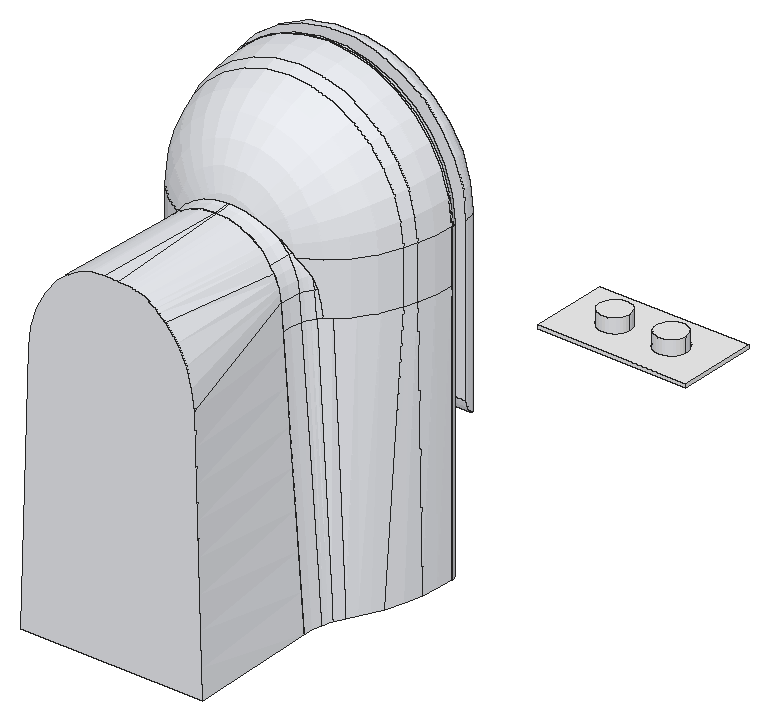
Revit family "WC-Wall Faced-Caroma Metro Invisi II Suite1", category Plumbing Fixtures, host Face, Revit 2014
Parameters (values of type "Standard")
  Width_ANZRS = 350 mm  # constant formula
  WasteOutlet_ANZRS = 0
  Waste Connection = yes
  WFU = 1.18
  WELSRating_ANZRS = "WELS 4 Star rated, 4.5/3L"  # constant formula
  ModifiedIssue_ANZRS = 20140919.01  # constant formula
  Material_ANZRS = Porcelain-White-Caroma
  Length_ANZRS = 610 mm  # constant formula
  Keynote = "WC"
  Height_ANZRS = 994 mm  # constant formula
  Hardware = Metal-Chrome-Caroma
  Vent Connection = no
  URL = "http://www.caroma.com.au"
  Type Comments = "White Only, S or P Trap, Optional Metro Soft Close seat, Buttons and Panels sold separately"  # constant formula
  Model = "716100W"  # constant formula
  Manufacturer = "GWA Bathrooms & Kitchens"  # constant formula
  HW Connection = no
  Description = "Caroma Metro Wall Faced Invisi II Suite"  # constant formula
  Default Elevation = 0 mm
  CreatedBy_ANZRS = "Design Content"  # constant formula
  CreatedByURL_ANZRS = "http://www.designcontent.com.au"
  CWFU = 1.18
  CW Connection = yes
  Assembly Code = "D2010110"
Reference planes
  plane 1 "Center (Elevation)": y = 0
  plane 2 "Back": z = 0
  plane 3 "Center (Left/Right)": x = 0
  plane 4 "Left": x = -175
  plane 5 "Right": x = 175
  plane 6 "Bottom": y = -405
  plane 7: z = -90
  plane 8 "Seat": y = -10
  plane 9 "Outlet": y = -220
  plane 10 "Front": z = 610
  plane 11 "Center (Front/Back)": z = 305
  plane 12 "Top": y = 589
  plane 13: y = 479
Forms (mm)
  Extrusion 1, void
    sketch origin (0, -377, 0) x (1, 0, 0) y (0, 1, 0)
      loop
        circle (0, 335) r 25
    from -90 to 0
  Extrusion 2, solid, material "Porcelain-White-Caroma" <- "Material_ANZRS"
    sketch origin (-410, 0, 0) x (1, 0, 0) y (0, 1, 0)
      loop
        circle (410, -47) r 20
    from 0 to 20
  Extrusion 3, solid, material "Porcelain-White-Caroma" <- "Material_ANZRS"
    sketch origin (0, 0, 0) x (1, 0, 0) y (0, 1, 0)
      loop
        circle (0, -220) r 50
    from 155 to 175
  Extrusion 4, solid, material "Metal-Chrome-Caroma" <- "Hardware"
    sketch origin (0, 0, 0) x (1, 0, 0) y (0, 1, 0)
      loop
        line (-105, 589) -> (-105, 479) -> (105, 479) -> (105, 589) -> (-105, 589)
      loop
        circle (-40, 534) r 22.5
      loop
        circle (40, 534) r 22.5
    from 0 to 5
  Extrusion 5, solid, material "Metal-Chrome-Caroma" <- "Hardware"
    sketch origin (0, 0, 0) x (1, 0, 0) y (0, 1, 0)
      loop
        circle (-40, 534) r 21
      loop
        circle (40, 534) r 21
    from 0 to 24.618
  Blend 6, solid, material "Porcelain-White-Caroma" <- "Material_ANZRS"
    base sketch origin (0, 5, -64.296) x (1, 0, 0) y (0, 0, 1)
      loop
        line (-131.239, 0) -> (131.239, 0) -> (117.38, 425.225)
        arc (117.38, 425.225) -> (105.902, 478.536) -> (76.426, 524.416) r 152.727
        arc (76.426, 524.416) -> (46.216, 545.764) -> (10, 553.296) r 90.83
        line (10, 553.296) -> (-10, 553.296)
        arc (-10, 553.296) -> (-46.216, 545.764) -> (-76.426, 524.416) r 90.83
        arc (-76.426, 524.416) -> (-105.902, 478.536) -> (-117.38, 425.225) r 152.727
        line (-117.38, 425.225) -> (-131.239, 0)
    top sketch origin (0, 5, -64.296) x (1, 0, 0) y (0, 0, 1)
      loop
        line (-128.303, 0) -> (128.303, 0) -> (90.935, 472.104)
        arc (90.935, 472.104) -> (87.658, 490.058) -> (80.825, 506.983) r 90
        arc (80.825, 506.983) -> (47.701, 542.068) -> (1.216, 555.002) r 90
        line (1.216, 555.002) -> (-1.216, 555.002)
        arc (-1.216, 555.002) -> (-43.642, 544.375) -> (-76.049, 515.002) r 90
        arc (-76.049, 515.002) -> (-86.242, 494.507) -> (-90.935, 472.104) r 90
        line (-90.935, 472.104) -> (-128.303, 0)
    from 410 to 225
  Sweep 7, solid, material "Porcelain-White-Caroma" <- "Material_ANZRS"
    path origin (0, 5, -64.296) x (1, 0, 0) y (0, 0, 1)
      loop
        line (-177.725, 247) -> (-177.725, 511.715)
        arc (-177.725, 511.715) -> (0, 689.44) -> (177.725, 511.715) r 177.725
        line (177.725, 511.715) -> (177.725, 247)
    profile origin (0, 5, 625.145) x (0, 0, -1) y (0, -1, 0)
      loop
        line (147.451, 5.727) -> (0, 5.727)
        arc (0, 5.727) -> (2.087, -6.159) -> (8.312, -16.498) r 32.959
        arc (8.312, -16.498) -> (15.138, -21.724) -> (23.421, -24.025) r 22.613
        arc (23.421, -24.025) -> (82.889, -27.582) -> (142.451, -28.769) r 1495.525
        line (142.451, -28.769) -> (147.451, -28.769) -> (147.451, 5.727)
  Extrusion 8, void
    sketch origin (0, 5, -64.296) x (0, 1, 0) y (0, 0, 1)
      loop
        line (-5.727, 283.507) -> (-11.755, 283.507) -> (-11.755, 233.588) -> (42.053, 233.588) -> (42.053, 264.258) -> (32.053, 264.258)
        arc (32.053, 264.258) -> (24.89, 259.544) -> (16.331, 259.009) r 16.691
        arc (16.331, 259.009) -> (1.24, 267.6) -> (-5.727, 283.507) r 27.585
    from 182.5 to -182.5
  Extrusion 9, solid, material "Porcelain-White-Caroma" <- "Material_ANZRS"
    sketch origin (0, 5, -64.296) x (1, 0, 0) y (0, 0, 1)
      loop
        arc (30.274, 511.715) -> (0, 541.989) -> (-30.274, 511.715) r 30.274
        line (-30.274, 511.715) -> (-30.274, 247) -> (30.274, 247) -> (30.274, 511.715)
    from 5.727 to -28.769
  Sweep 10, solid, material "Porcelain-White-Caroma" <- "Material_ANZRS"
    path origin (0, 5, -64.296) x (1, 0, 0) y (0, 0, 1)
      loop
        line (-173.725, 0) -> (-173.725, 511.715)
        arc (-173.725, 511.715) -> (0, 685.44) -> (173.725, 511.715) r 173.725
        line (173.725, 511.715) -> (173.725, 0)
    profile origin (0, 5, 621.145) x (0, 0, -1) y (0, -1, 0)
      loop
        line (9.782, 25.006) -> (-0.221, 25.006)
        arc (-0.221, 25.006) -> (2.708, 17.933) -> (9.782, 15.003) r 10.003
        line (9.782, 15.003) -> (9.782, 25.006)
  Blend 11, solid, material "Porcelain-White-Caroma" <- "Material_ANZRS"
    base sketch origin (0, 5, -64.296) x (1, 0, 0) y (0, 1, 0)
      loop
        line (173.947, -25.006) -> (148.947, -25.006) -> (148.947, -27.006)
        arc (148.947, -27.006) -> (148.394, -48.72) -> (146.737, -70.378) r 426.648
        arc (146.737, -70.378) -> (142.358, -95.379) -> (134.461, -119.501) r 177.586
        arc (134.461, -119.501) -> (126.265, -139.28) -> (117.875, -158.978) r 2178.883
        arc (117.875, -158.978) -> (114.62, -167.05) -> (111.763, -175.271) r 178.83
        arc (111.763, -175.271) -> (109.507, -182.884) -> (107.592, -190.589) r 178.83
        arc (107.592, -190.589) -> (104.606, -207.69) -> (103.292, -225) r 178.83
        line (103.292, -225) -> (128.303, -225)
        arc (128.303, -225) -> (129.358, -211.235) -> (131.643, -197.621) r 153.83
        arc (131.643, -197.621) -> (133.421, -190.221) -> (135.564, -182.918) r 153.83
        arc (135.564, -182.918) -> (138.025, -175.839) -> (140.827, -168.888) r 153.83
        arc (140.827, -168.888) -> (149.313, -148.964) -> (157.603, -128.957) r 2203.883
        arc (157.603, -128.957) -> (166.613, -101.44) -> (171.607, -72.919) r 202.586
        arc (171.607, -72.919) -> (173.361, -49.993) -> (173.947, -27.006) r 451.648
        line (173.947, -27.006) -> (173.947, -25.006)
    top sketch origin (0, 5, -64.296) x (1, 0, 0) y (0, 1, 0)
      loop
        line (162.144, -96.919) -> (167.707, -78.993)
        arc (167.707, -78.993) -> (172.381, -53.186) -> (173.947, -27.006) r 219.665
        line (173.947, -27.006) -> (173.947, -25.006) -> (148.947, -25.006) -> (148.947, -27.006)
        arc (148.947, -27.006) -> (147.604, -49.834) -> (143.593, -72.346) r 194.665
        line (143.593, -72.346) -> (138.267, -89.509)
        arc (138.267, -89.509) -> (123.672, -120.82) -> (101.241, -147.091) r 128.075
        arc (101.241, -147.091) -> (93.803, -154.053) -> (86.702, -161.359) r 215.71
        arc (86.702, -161.359) -> (77.306, -174.718) -> (71.801, -190.095) r 60.864
        arc (71.801, -190.095) -> (69.197, -207.454) -> (68.701, -225) r 145.591
        line (68.701, -225) -> (93.716, -225)
        arc (93.716, -225) -> (94.064, -210.065) -> (96.256, -195.288) r 120.591
        arc (96.256, -195.288) -> (99.5, -186.227) -> (105.036, -178.355) r 35.864
        arc (105.036, -178.355) -> (111.314, -171.896) -> (117.89, -165.74) r 190.71
        arc (117.89, -165.74) -> (144.7, -134.341) -> (162.144, -96.919) r 153.075
    from 0 to 436.969
  Blend 12, solid, material "Porcelain-White-Caroma" <- "Material_ANZRS"
    base sketch origin (0, 5, -64.296) x (-1, 0, 0) y (0, -1, 0)
      loop
        line (173.947, 25.006) -> (173.947, 27.006)
        arc (173.947, 27.006) -> (173.361, 49.993) -> (171.607, 72.919) r 451.648
        arc (171.607, 72.919) -> (166.613, 101.44) -> (157.603, 128.957) r 202.586
        arc (157.603, 128.957) -> (149.313, 148.964) -> (140.827, 168.888) r 2203.883
        arc (140.827, 168.888) -> (138.025, 175.839) -> (135.564, 182.918) r 153.83
        arc (135.564, 182.918) -> (133.421, 190.221) -> (131.643, 197.621) r 153.83
        arc (131.643, 197.621) -> (129.358, 211.235) -> (128.303, 225) r 153.83
        line (128.303, 225) -> (103.292, 225)
        arc (103.292, 225) -> (104.606, 207.69) -> (107.592, 190.589) r 178.83
        arc (107.592, 190.589) -> (109.507, 182.884) -> (111.763, 175.271) r 178.83
        arc (111.763, 175.271) -> (114.62, 167.05) -> (117.875, 158.978) r 178.83
        arc (117.875, 158.978) -> (126.265, 139.28) -> (134.461, 119.501) r 2178.883
        arc (134.461, 119.501) -> (142.358, 95.379) -> (146.737, 70.378) r 177.586
        arc (146.737, 70.378) -> (148.394, 48.72) -> (148.947, 27.006) r 426.648
        line (148.947, 27.006) -> (148.947, 25.006) -> (173.947, 25.006)
    top sketch origin (0, 5, -64.296) x (-1, 0, 0) y (0, -1, 0)
      loop
        arc (162.144, 96.919) -> (144.7, 134.341) -> (117.89, 165.74) r 153.075
        arc (117.89, 165.74) -> (111.314, 171.896) -> (105.036, 178.355) r 190.71
        arc (105.036, 178.355) -> (99.5, 186.227) -> (96.256, 195.288) r 35.864
        arc (96.256, 195.288) -> (94.064, 210.065) -> (93.716, 225) r 120.591
        line (93.716, 225) -> (68.701, 225)
        arc (68.701, 225) -> (69.197, 207.454) -> (71.801, 190.095) r 145.591
        arc (71.801, 190.095) -> (77.306, 174.718) -> (86.702, 161.359) r 60.864
        arc (86.702, 161.359) -> (93.803, 154.053) -> (101.241, 147.091) r 215.71
        arc (101.241, 147.091) -> (123.672, 120.82) -> (138.267, 89.509) r 128.075
        line (138.267, 89.509) -> (143.593, 72.346)
        arc (143.593, 72.346) -> (147.604, 49.834) -> (148.947, 27.006) r 194.665
        line (148.947, 27.006) -> (148.947, 25.006) -> (173.947, 25.006) -> (173.947, 27.006)
        arc (173.947, 27.006) -> (172.381, 53.186) -> (167.707, 78.993) r 219.665
        line (167.707, 78.993) -> (162.144, 96.919)
    from 0 to 436.969
  Sweep 13, solid, material "Porcelain-White-Caroma" <- "Material_ANZRS"
    path origin (0, 5, -64.296) x (1, 0, 0) y (0, 0, 1)
      loop
        line (173.947, 436.969) -> (173.947, 511.715)
        arc (173.947, 511.715) -> (0, 685.662) -> (-173.947, 511.715) r 173.947
        line (-173.947, 511.715) -> (-173.947, 436.969)
    profile origin (173.947, 5, 372.673) x (0, -1, 0) y (1, 0, 0)
      loop
        arc (204.472, -151.171) -> (172.734, -64.479) -> (96.919, -11.803) r 153.075
        line (96.919, -11.803) -> (78.993, -6.24)
        arc (78.993, -6.24) -> (53.186, -1.566) -> (27.006, 0) r 219.665
        line (27.006, 0) -> (25.006, 0) -> (25.006, -25) -> (27.006, -25)
        arc (27.006, -25) -> (49.834, -26.343) -> (72.346, -30.354) r 194.665
        line (72.346, -30.354) -> (89.509, -35.68)
        arc (89.509, -35.68) -> (152.6, -79.311) -> (179.442, -151.171) r 128.075
        line (179.442, -151.171) -> (204.472, -151.171)
  Sweep 14, solid, material "Porcelain-White-Caroma" <- "Material_ANZRS"
    path origin (0, 5, -64.296) x (1, 0, 0) y (0, 0, 1)
      loop
        line (-93.716, 436.969) -> (-90.935, 472.104)
        arc (-90.935, 472.104) -> (-86.242, 494.507) -> (-76.049, 515.002) r 90
        arc (-76.049, 515.002) -> (-43.642, 544.375) -> (-1.216, 555.002) r 90
        line (-1.216, 555.002) -> (1.216, 555.002)
        arc (1.216, 555.002) -> (43.642, 544.375) -> (76.049, 515.002) r 90
        arc (76.049, 515.002) -> (86.242, 494.507) -> (90.935, 472.104) r 90
        line (90.935, 472.104) -> (93.716, 436.969)
    profile origin (93.716, 5, 372.673) x (-0.996882, 0, -0.078904) y (0, -1, 0)
      loop
        arc (-2.54, 195.288) -> (-5.784, 186.227) -> (-11.32, 178.355) r 35.864
        arc (-11.32, 178.355) -> (-19.57, 159.814) -> (-14.763, 140.098) r 31.415
        arc (-14.763, 140.098) -> (-11.212, 143.666) -> (-7.524, 147.091) r 128.075
        arc (-7.524, 147.091) -> (-0.087, 154.053) -> (7.014, 161.359) r 215.71
        arc (7.014, 161.359) -> (16.41, 174.718) -> (21.915, 190.095) r 60.864
        arc (21.915, 190.095) -> (24.519, 207.454) -> (25.016, 225) r 145.591
        line (25.016, 225) -> (0, 225)
        arc (0, 225) -> (-0.348, 210.065) -> (-2.54, 195.288) r 120.591
  Extrusion 15, solid, material "Porcelain-White-Caroma" <- "Material_ANZRS"
    sketch origin (0, 5, -64.296) x (1, 0, 0) y (0, 0, 1)
      loop
        line (163.944, 0) -> (163.944, 511.715)
        arc (163.944, 511.715) -> (0, 675.658) -> (-163.944, 511.715) r 163.944
        line (-163.944, 511.715) -> (-163.944, 0) -> (163.944, 0)
    from 25.006 to 15
  Extrusion 16, void
    sketch origin (0, 5, -64.296) x (0, 1, 0) y (0, 0, 1)
      loop
        line (-423.929, 64.296) -> (-423.929, 0) -> (85, 0) -> (85, 64.296) -> (-423.929, 64.296)
    from -300 to 300
Cuts and joins
  Extrusion 8 cuts Sweep 7
  Extrusion 8 cuts Extrusion 9
  joined: Sweep 7, Extrusion 9
  Extrusion 16 cuts Extrusion 2
  Extrusion 16 cuts Blend 11
  Extrusion 16 cuts Blend 6
  Extrusion 16 cuts Sweep 10
  Extrusion 16 cuts Blend 12
  joined: Blend 6, Sweep 10, Blend 12, Sweep 13
  Extrusion 16 cuts Extrusion 15
Lines and regions (mm)
  Masking region 1
    outline origin (0, 0, 0) x (1, 0, 0) y (0, 1, 0)
      loop
        line (-105, 589) -> (-105, 479) -> (105, 479) -> (105, 589) -> (-105, 589)
  Masking region 2
    outline origin (0, 0, 0) x (0, 1, 0) y (0, 0, 1)
      loop
        line (589, 0) -> (589, 5) -> (555, 5) -> (555, 24.618) -> (513, 24.618) -> (513, 5) -> (479, 5) -> (479, 0) -> (589, 0)
  Masking region 3
    outline origin (0, 0, 0) x (0, 1, 0) y (0, 0, 1)
      loop
        arc (-11.108, 611.14) -> (-13.829, 617.151) -> (-20.142, 619.073) r 8
        arc (-20.142, 619.073) -> (-72.045, 605.442) -> (-118.849, 579.193) r 211.598
        arc (-118.849, 579.193) -> (-145.553, 557.096) -> (-169.768, 532.297) r 327.071
        arc (-169.768, 532.297) -> (-186.221, 510.964) -> (-199.838, 487.717) r 212.15
        arc (-199.838, 487.717) -> (-204.868, 482.354) -> (-212.005, 480.574) r 12.987
        line (-212.005, 480.574) -> (-223, 481.054) -> (-405, 489) -> (-405, 0) -> (-18.658, 0) -> (-11.108, 0) -> (-11.108, 163.618) -> (-2.689, 163.618)
        arc (-2.689, 163.618) -> (0.03, 164.684) -> (1.3, 167.313) r 4
        line (1.3, 167.313) -> (4, 200.618) -> (6.476, 200.618)
        arc (6.476, 200.618) -> (9.282, 199.921) -> (11.437, 197.993) r 6
        arc (11.437, 197.993) -> (15.404, 194.59) -> (20.545, 193.654) r 10
        line (20.545, 193.654) -> (36.705, 196.266) -> (36.705, 496.031)
        arc (36.705, 496.031) -> (35.7, 544.282) -> (33.213, 592.478) r 1569.921
        arc (33.213, 592.478) -> (30.511, 605.752) -> (23.042, 617.052) r 35.565
        arc (23.042, 617.052) -> (15.844, 622.922) -> (6.956, 625.618) r 23.998
        line (6.956, 625.618) -> (4.705, 625.618) -> (4.723, 611.462)
        arc (4.723, 611.462) -> (1.634, 614.136) -> (-2.172, 615.618) r 11.997
        line (-2.172, 615.618) -> (-5.295, 615.618) -> (-5.295, 511.618) -> (-7.295, 511.618)
        arc (-7.295, 511.618) -> (-9.81, 501.776) -> (-11.108, 491.702) r 83.281
        line (-11.108, 491.702) -> (-11.108, 604.236) -> (-11.108, 611.14)
  Masking region 4
    outline origin (0, 0, 0) x (1, 0, 0) y (0, 1, 0)
      loop
        arc (143.078, 34.487) -> (71.244, 37.292) -> (-0.641, 37.979) r 2439.573
        arc (-0.641, 37.979) -> (-72.526, 37.292) -> (-144.36, 34.487) r 2439.573
        arc (-144.36, 34.487) -> (-157.433, 31.296) -> (-168.936, 24.313) r 44.136
        arc (-168.936, 24.313) -> (-174.804, 17.116) -> (-177.5, 8.23) r 23.998
        line (-177.5, 8.23) -> (-177.5, 5.979) -> (-165.866, 5.979)
        arc (-165.866, 5.979) -> (-168.525, 2.896) -> (-170, -0.898) r 11.997
        line (-170, -0.898) -> (-170, -4.021) -> (-167.482, -4.021) -> (-167.482, -6.021)
        arc (-167.482, -6.021) -> (-155.817, -8.864) -> (-143.863, -10) r 83.281
        line (-143.863, -10) -> (-164.04, -10)
        arc (-164.04, -10) -> (-169.696, -12.383) -> (-171.999, -18.073) r 8
        arc (-171.999, -18.073) -> (-170.397, -60.361) -> (-163.305, -102.081) r 324.513
        arc (-163.305, -102.081) -> (-156.96, -123.24) -> (-148.22, -143.527) r 191.444
        arc (-148.22, -143.527) -> (-139.743, -165.462) -> (-132.504, -187.836) r 420.901
        arc (-132.504, -187.836) -> (-128.141, -208.372) -> (-126.922, -229.331) r 138.924
        line (-126.922, -229.331) -> (-128.865, -340) -> (-130, -405) -> (130, -405) -> (128.865, -340) -> (126.922, -229.331)
        arc (126.922, -229.331) -> (128.141, -208.372) -> (132.504, -187.836) r 138.924
        arc (132.504, -187.836) -> (139.743, -165.462) -> (148.22, -143.527) r 420.901
        arc (148.22, -143.527) -> (156.96, -123.24) -> (163.305, -102.081) r 191.444
        arc (163.305, -102.081) -> (170.397, -60.361) -> (171.999, -18.073) r 324.513
        arc (171.999, -18.073) -> (169.667, -12.354) -> (163.959, -10) r 8
        line (163.959, -10) -> (142.581, -10)
        arc (142.581, -10) -> (154.534, -8.864) -> (166.2, -6.021) r 83.281
        line (166.2, -6.021) -> (166.2, -4.021) -> (170, -4.021) -> (170, -0.898)
        arc (170, -0.898) -> (168.525, 2.896) -> (165.866, 5.979) r 11.997
        line (165.866, 5.979) -> (176.218, 5.979) -> (176.218, 8.229)
        arc (176.218, 8.229) -> (173.523, 17.114) -> (167.657, 24.311) r 23.998
        arc (167.657, 24.311) -> (156.152, 31.295) -> (143.078, 34.487) r 44.136
  Masking region 5
    outline origin (0, 405, 0) x (-1, 0, 0) y (0, 0, 1)
      loop
        line (-171.763, 0) -> (171.763, 0) -> (171.763, 196.713)
        arc (171.763, 196.713) -> (175.99, 201.952) -> (177.5, 208.511) r 15
        line (177.5, 208.511) -> (177.5, 447.849)
        arc (177.5, 447.849) -> (1.057, 625.455) -> (-177.5, 449.974) r 177.506
        line (-177.5, 449.974) -> (-177.5, 208.511)
        arc (-177.5, 208.511) -> (-175.99, 201.952) -> (-171.763, 196.713) r 15
        line (-171.763, 196.713) -> (-171.763, 0)
  symbolic lines, style "Toilets/Bidets"
    curve 1: circle (-40, 534, 0) r 21 normal (0, 0, 1)
    curve 2: circle (-40, 534, 0) r 22.5 normal (0, 0, 1)
    curve 3: circle (40, 534, 0) r 21 normal (0, 0, -1)
    curve 4: circle (40, 534, 0) r 22.5 normal (0, 0, -1)
    curve 5: line (0, 555, 5) -> (0, 513, 5)
    curve 6: line (105, 405, 0) -> (105, 405, 5)
    curve 7: line (105, 405, 5) -> (61, 405, 5)
    curve 8: line (61, 405, 5) -> (61, 405, 24.618)
    curve 9: line (61, 405, 24.618) -> (19, 405, 24.618)
    curve 10: line (19, 405, 24.618) -> (19, 405, 5)
    curve 11: line (19, 405, 5) -> (-19, 405, 5)
    curve 12: line (-19, 405, 5) -> (-19, 405, 24.618)
    curve 13: line (-19, 405, 24.618) -> (-61, 405, 24.618)
    curve 14: line (-61, 405, 24.618) -> (-61, 405, 5)
    curve 15: line (-61, 405, 5) -> (-105, 405, 5)
    curve 16: line (-105, 405, 5) -> (-105, 405, 0)
    curve 17: line (61, 405, 5) -> (19, 405, 5)
    curve 18: line (-19, 405, 5) -> (-61, 405, 5)
    curve 19: line (0, -11.108, 604.236) -> (0, -11.108, 163.618)
    curve 20: line (0, -5.295, 228.72) -> (0, -5.295, 511.618)
    curve 21: line (0, 5.199, 230.052) -> (0, 4.723, 611.462)
    curve 22: line (0, 19.705, 193.618) -> (0, -1.757, 219.044)
    curve 23: arc (0, -5.295, 228.72) -> (0, -4.383, 223.569) -> (0, -1.757, 219.044) r 15
    curve 24: line (0, 6.476, 205.618) -> (0, -10, 205.618)
    curve 25: line (0, -10, 200.618) -> (0, 6.476, 200.618)
    curve 26: line (0, 4, 200.618) -> (0, 4, 205.618)
    curve 27: line (0, -10, 206.122) -> (0, -10, 163.618)
    curve 28: arc (0, 6.476, 205.618) -> (0, 7.809, 205.768) -> (0, 9.076, 206.211) r 6
    curve 29: arc (0, 5.199, 230.052) -> (0, 8.806, 214.584) -> (0, 17.344, 201.191) r 47.147
    curve 30: arc (0, 17.344, 201.191) -> (0, 26.429, 196.388) -> (0, 36.705, 196.266) r 21.86
    curve 31: arc (0, 20.545, 193.654) -> (0, 23.789, 194.49) -> (0, 26.575, 196.351) r 10
    curve 32: line (0, -7.295, 511.618) -> (0, -7.295, 460.618)
    curve 33: arc (0, -7.295, 511.618) -> (0, -11.295, 486.118) -> (0, -7.295, 460.618) r 83.281
    curve 34: line (0, -7.295, 460.618) -> (0, -5.295, 460.618)
    curve 35: line (0, -5.295, 511.618) -> (0, -7.295, 511.618)
    curve 38: line (-143.863, -10, 0) -> (142.581, -10, 0)
    curve 39: line (-170, -4.021, 0) -> (170, -4.021, 0)
    curve 40: line (-165.866, 5.979, 0) -> (165.866, 5.979, 0)
    curve 41: arc (-143.863, -10, 0) -> (-130.006, -9.156, 0) -> (-116.482, -6.021, 0) r 83.281
    curve 42: line (-167.482, -6.021, 0) -> (-116.482, -6.021, 0)
    curve 43: line (-116.482, -6.021, 0) -> (-116.482, -4.021, 0)
    curve 44: arc (115.2, -6.021, 0) -> (128.724, -9.156, 0) -> (142.581, -10, 0) r 83.281
    curve 45: line (166.2, -6.021, 0) -> (115.2, -6.021, 0)
    curve 46: line (115.2, -6.021, 0) -> (115.2, -4.021, 0)
    curve 47: arc (104.909, -177.449, 0) -> (148.579, -117.315, 0) -> (170.696, -46.364, 0) r 229.034
    curve 48: arc (-104.909, -177.449, 0) -> (-148.579, -117.315, 0) -> (-170.696, -46.364, 0) r 229.034
    curve 49: line (162.5, 405, 193.511) -> (-162.5, 405, 193.511)
    curve 50: arc (-162.5, 405, 193.511) -> (-168.259, 405, 194.661) -> (-173.135, 405, 197.934) r 15
    curve 51: arc (173.427, 405, 198.235) -> (168.452, 405, 194.743) -> (162.5, 405, 193.511) r 15
    curve 52: line (118, 405, 191.185) -> (116.805, 405, 177.035)
    curve 53: arc (116.805, 405, 177.035) -> (112.009, 405, 167.253) -> (101.858, 405, 163.297) r 15
    curve 54: line (101.858, 405, 163.297) -> (79.142, 405, 163.297)
    curve 55: arc (79.142, 405, 163.297) -> (68.991, 405, 167.253) -> (64.195, 405, 177.035) r 15
    curve 56: line (64.195, 405, 177.035) -> (62.804, 405, 193.511)
    curve 57: line (63, 405, 193.511) -> (63, 405, 192.297)
    curve 58: arc (63, 405, 192.297) -> (63.586, 405, 190.883) -> (65, 405, 190.297) r 2
    curve 59: line (65, 405, 190.297) -> (66.594, 405, 190.297)
    curve 60: line (66.594, 405, 190.297) -> (66.594, 405, 193.511)
    curve 61: line (76.767, 405, 193.511) -> (76.767, 405, 190.297)
    curve 62: line (76.767, 405, 190.297) -> (67.389, 405, 190.297)
    curve 63: line (67.389, 405, 190.297) -> (67.389, 405, 193.511)
    curve 64: line (77.932, 405, 193.511) -> (77.932, 405, 190.297)
    curve 65: line (77.932, 405, 190.297) -> (102.932, 405, 190.297)
    curve 66: line (102.932, 405, 190.297) -> (157.5, 405, 193.511)
    curve 67: line (102.932, 405, 193.511) -> (102.932, 405, 190.297)
    curve 68: line (-118, 405, 191.185) -> (-116.805, 405, 177.035)
    curve 69: arc (-116.805, 405, 177.035) -> (-112.009, 405, 167.253) -> (-101.858, 405, 163.297) r 15
    curve 70: line (-101.858, 405, 163.297) -> (-79.142, 405, 163.297)
    curve 71: arc (-79.142, 405, 163.297) -> (-68.991, 405, 167.253) -> (-64.195, 405, 177.035) r 15
    curve 72: line (-64.195, 405, 177.035) -> (-62.804, 405, 193.511)
    curve 73: line (-63, 405, 193.511) -> (-63, 405, 192.297)
    curve 74: arc (-63, 405, 192.297) -> (-63.586, 405, 190.883) -> (-65, 405, 190.297) r 2
    curve 75: line (-65, 405, 190.297) -> (-66.594, 405, 190.297)
    curve 76: line (-66.594, 405, 190.297) -> (-66.594, 405, 193.511)
    curve 77: line (-76.767, 405, 193.511) -> (-76.767, 405, 190.297)
    curve 78: line (-76.767, 405, 190.297) -> (-67.389, 405, 190.297)
    curve 79: line (-67.389, 405, 190.297) -> (-67.389, 405, 193.511)
    curve 80: line (-77.932, 405, 193.511) -> (-77.932, 405, 190.297)
    curve 81: line (-77.932, 405, 190.297) -> (-102.932, 405, 190.297)
    curve 82: line (-102.932, 405, 190.297) -> (-102.932, 405, 193.511)
    curve 83: line (-102.932, 405, 190.297) -> (-157.5, 405, 193.511)
  symbolic lines, style "Toilets/Bidets", detail levels fine
    curve 36: arc (0, -375, 240) -> (0, -385, 230) -> (0, -375, 220) r 10
    curve 37: arc (0, -375, 220) -> (0, -365, 230) -> (0, -375, 240) r 10
Dimensions and locks
  equal spacing: plane 4 "Left", plane 3 "Center (Left/Right)", plane 5 "Right"
  "Width_ANZRS": plane 4 "Left" to plane 5 "Right"
  level to plane 7 = 90 mm
  locked: plane 8 "Seat" to plane 6 "Bottom" at 395
  locked: plane 9 "Outlet" to plane 6 "Bottom" at 185
  plane 6 "Bottom" to plane 1 "Center (Elevation)" = 405 mm
  plane 12 "Top" to plane 6 "Bottom" = 994 mm
  equal spacing: level, plane 11 "Center (Front/Back)", plane 10 "Front"
  level to plane 10 "Front" = 610 mm
  aligned and locked: plane 2 "Back" to host face
  aligned and locked: level to host face
  aligned and locked: Extrusion 1 to plane 7
  aligned and locked: level to Extrusion 1
  aligned and locked: Extrusion 2 to level
Automatic sketch dimensions
  host sketch curve to host sketch curve = 2438.4 mm  (x2)
  Extrusion 1 sketch curve to plane 4 "Left" = 175 mm
  Extrusion 2 sketch curve to plane 4 "Left" = 175 mm
  Extrusion 3 sketch curve to plane 3 "Center (Left/Right)" = 0 mm
  Extrusion 3 sketch curve to plane 9 "Outlet" = 0 mm
  Extrusion 1 sketch curve to plane 13 = 521 mm
  Extrusion 2 sketch curve to plane 13 = 526 mm
  Extrusion 4 sketch curve to plane 12 "Top" = 0 mm
  Extrusion 4 sketch curve to plane 13 = 0 mm
  Extrusion 4 sketch curve to plane 4 "Left" = 70 mm
  Extrusion 4 sketch curve to plane 3 "Center (Left/Right)" = 40 mm
  plane 3 "Center (Left/Right)" to Extrusion 4 sketch curve = 40 mm
  Extrusion 4 sketch curve to plane 5 "Right" = 70 mm
  Extrusion 4 sketch curve to plane 12 "Top" = 55 mm  (x2)
  Extrusion 5 sketch curve to plane 3 "Center (Left/Right)" = 40 mm
  plane 3 "Center (Left/Right)" to Extrusion 5 sketch curve = 40 mm
  Extrusion 5 sketch curve to plane 12 "Top" = 55 mm  (x2)
  Masking region 1 sketch curve to plane 13 = 0 mm
  Masking region 1 sketch curve to plane 12 "Top" = 0 mm
  Masking region 1 sketch curve to plane 4 "Left" = 70 mm
  Masking region 1 sketch curve to plane 5 "Right" = 70 mm
  Masking region 2 sketch curve to level = 0 mm
  Masking region 2 sketch curve to plane 13 = 0 mm
  Masking region 2 sketch curve to plane 12 "Top" = 0 mm
  level to Masking region 2 sketch curve = 5 mm  (x2)
  plane 13 to Masking region 2 sketch curve = 34 mm
  Masking region 2 sketch curve to plane 12 "Top" = 34 mm
  Masking region 2 sketch curve to Masking region 2 sketch curve = 19.618 mm
  Blend 6 sketch curve to plane 4 "Left" = 43.761 mm
  Blend 6 sketch curve to plane 4 "Left" = 57.62 mm
  Blend 6 sketch curve to plane 3 "Center (Left/Right)" = 35.266 mm
  Blend 6 sketch curve to plane 3 "Center (Left/Right)" = 10 mm
  plane 3 "Center (Left/Right)" to Blend 6 sketch curve = 10 mm
  plane 3 "Center (Left/Right)" to Blend 6 sketch curve = 35.266 mm
  Blend 6 sketch curve to plane 5 "Right" = 57.62 mm
  Blend 6 sketch curve to plane 5 "Right" = 43.761 mm
  plane 7 to Blend 6 sketch curve = 25.704 mm  (x2)
  Blend 6 sketch curve to plane 11 "Center (Front/Back)" = 50.954 mm  (x2)
  Blend 6 sketch curve to plane 11 "Center (Front/Back)" = 55.93 mm  (x2)
  Blend 6 sketch curve to Blend 6 sketch curve = 42.216 mm
  Blend 6 sketch curve to Blend 6 sketch curve = 0 mm  (x6)
  Blend 6 sketch curve to Blend 6 sketch curve = 28.881 mm
  Blend 6 sketch curve to plane 4 "Left" = 46.697 mm
  Blend 6 sketch curve to plane 4 "Left" = 84.065 mm
  Blend 6 sketch curve to plane 3 "Center (Left/Right)" = 1.216 mm
  plane 3 "Center (Left/Right)" to Blend 6 sketch curve = 1.216 mm
  Blend 6 sketch curve to plane 5 "Right" = 84.065 mm
  Blend 6 sketch curve to plane 5 "Right" = 46.697 mm
  Blend 6 sketch curve to plane 11 "Center (Front/Back)" = 95.707 mm
  Blend 6 sketch curve to Blend 6 sketch curve = 7.101 mm
  Blend 6 sketch curve to Blend 6 sketch curve = 14.886 mm
  Blend 6 sketch curve to Blend 6 sketch curve = 10.11 mm
  Sweep 7 sketch curve to plane 3 "Center (Left/Right)" = 0 mm
  plane 4 "Left" to Sweep 7 sketch curve = 2.725 mm
  Sweep 7 sketch curve to plane 11 "Center (Front/Back)" = 142.419 mm
  plane 11 "Center (Front/Back)" to Sweep 7 sketch curve = 122.296 mm  (x2)
  Sweep 7 sketch curve to profile plane = 0 mm
  Sweep 7 sketch curve to profile plane = 1.484 mm
  Sweep 7 sketch curve to profile plane = 25.221 mm
  profile plane to Sweep 7 sketch curve = 5.386 mm
  Sweep 7 sketch curve to Sweep 7 sketch curve = 7.737 mm
  Sweep 7 sketch curve to profile plane = 28.769 mm
  Sweep 7 sketch curve to Sweep 7 sketch curve = 109.494 mm
  Sweep 7 sketch curve to Sweep 7 sketch curve = 5 mm
  profile plane to Sweep 7 sketch curve = 5.727 mm
  Sweep 7 sketch curve to Sweep 7 sketch curve = 1461.029 mm
  Sweep 7 sketch curve to Sweep 7 sketch curve = 0 mm
  plane 8 "Seat" to Extrusion 8 sketch curve = 3.245 mm
  plane 8 "Seat" to Extrusion 8 sketch curve = 9.273 mm
  Extrusion 8 sketch curve to plane 1 "Center (Elevation)" = 24.604 mm
  Extrusion 8 sketch curve to Extrusion 8 sketch curve = 2.136 mm
  Extrusion 8 sketch curve to Extrusion 8 sketch curve = 12.449 mm
  Extrusion 8 sketch curve to Extrusion 8 sketch curve = 10 mm
  plane 11 "Center (Front/Back)" to Extrusion 8 sketch curve = 135.708 mm
  Extrusion 8 sketch curve to Extrusion 8 sketch curve = 30.67 mm
  Extrusion 8 sketch curve to Extrusion 8 sketch curve = 11.118 mm
  Extrusion 8 sketch curve to Extrusion 8 sketch curve = 8.131 mm
  Extrusion 8 sketch curve to Extrusion 8 sketch curve = 10.682 mm
  Extrusion 9 sketch curve to plane 3 "Center (Left/Right)" = 0 mm
  Extrusion 9 sketch curve to plane 3 "Center (Left/Right)" = 30.274 mm
  plane 11 "Center (Front/Back)" to Extrusion 9 sketch curve = 122.296 mm
  Extrusion 9 sketch curve to plane 11 "Center (Front/Back)" = 142.419 mm
  Sweep 10 sketch curve to plane 3 "Center (Left/Right)" = 0 mm
  Sweep 10 sketch curve to plane 4 "Left" = 1.275 mm
  Sweep 10 sketch curve to plane 11 "Center (Front/Back)" = 142.419 mm
  plane 7 to Sweep 10 sketch curve = 25.704 mm  (x2)
  profile plane to Sweep 10 sketch curve = 0.221 mm
  Sweep 10 sketch curve to profile plane = 9.782 mm
  profile plane to Sweep 10 sketch curve = 15.003 mm
  Blend 11 sketch curve to Blend 11 sketch curve = 0 mm  (x54)
  plane 12 "Top" to Blend 11 sketch curve = 120.705 mm
  plane 4 "Left" to Blend 11 sketch curve = 1707.521 mm
  Blend 11 sketch curve to plane 8 "Seat" = 12.006 mm
  plane 4 "Left" to Blend 11 sketch curve = 102.701 mm
  Blend 11 sketch curve to plane 3 "Center (Left/Right)" = 29.93 mm
  Blend 11 sketch curve to plane 9 "Outlet" = 0 mm
  Blend 11 sketch curve to plane 5 "Right" = 71.708 mm
  Blend 11 sketch curve to Blend 11 sketch curve = 25.011 mm
  Blend 11 sketch curve to plane 5 "Right" = 26.053 mm
  Blend 11 sketch curve to plane 5 "Right" = 1.053 mm  (x2)
  Blend 11 sketch curve to plane 9 "Outlet" = 4.864 mm
  plane 5 "Right" to Blend 11 sketch curve = 107.055 mm
  plane 1 "Center (Elevation)" to Blend 11 sketch curve = 47.325 mm
  Blend 11 sketch curve to Blend 11 sketch curve = 2 mm
  plane 9 "Outlet" to Blend 11 sketch curve = 34.411 mm
  Blend 11 sketch curve to Blend 11 sketch curve = 4.171 mm
  plane 9 "Outlet" to Blend 11 sketch curve = 27.379 mm
  Blend 11 sketch curve to Blend 11 sketch curve = 5.263 mm
  Blend 11 sketch curve to plane 3 "Center (Left/Right)" = 45.719 mm
  plane 3 "Center (Left/Right)" to Blend 11 sketch curve = 15.946 mm
  plane 9 "Outlet" to Blend 11 sketch curve = 0 mm
  plane 3 "Center (Left/Right)" to Blend 11 sketch curve = 68.701 mm
  Blend 11 sketch curve to Blend 11 sketch curve = 25.016 mm
  plane 9 "Outlet" to Blend 11 sketch curve = 22.263 mm
  Blend 11 sketch curve to plane 5 "Right" = 43.662 mm
  Blend 11 sketch curve to plane 5 "Right" = 36.733 mm
  Blend 11 sketch curve to Blend 11 sketch curve = 5.326 mm
  Blend 11 sketch curve to plane 8 "Seat" = 10.006 mm
  Blend 11 sketch curve to Blend 11 sketch curve = 5.354 mm
  Blend 11 sketch curve to plane 5 "Right" = 12.856 mm
  Blend 11 sketch curve to plane 5 "Right" = 7.293 mm
  plane 9 "Outlet" to Blend 11 sketch curve = 4.665 mm
  plane 5 "Right" to Blend 11 sketch curve = 39.217 mm
  plane 5 "Right" to Blend 11 sketch curve = 69.896 mm
  Blend 11 sketch curve to plane 9 "Outlet" = 83.006 mm
  Blend 11 sketch curve to Blend 11 sketch curve = 71.912 mm
  Blend 11 sketch curve to Blend 11 sketch curve = 7.41 mm
  Blend 11 sketch curve to Blend 11 sketch curve = 17.926 mm
  Blend 11 sketch curve to plane 8 "Seat" = 36.549 mm
  Blend 12 sketch curve to Blend 12 sketch curve = 0 mm  (x54)
  Blend 12 sketch curve to plane 12 "Top" = 120.705 mm
  Blend 12 sketch curve to plane 5 "Right" = 1707.521 mm
  plane 8 "Seat" to Blend 12 sketch curve = 12.006 mm
  Blend 12 sketch curve to plane 5 "Right" = 102.701 mm
  Blend 12 sketch curve to plane 3 "Center (Left/Right)" = 29.93 mm
  plane 9 "Outlet" to Blend 12 sketch curve = 0 mm
  plane 4 "Left" to Blend 12 sketch curve = 71.708 mm
  Blend 12 sketch curve to Blend 12 sketch curve = 25.011 mm
  plane 4 "Left" to Blend 12 sketch curve = 26.053 mm
  plane 4 "Left" to Blend 12 sketch curve = 1.053 mm  (x2)
  plane 9 "Outlet" to Blend 12 sketch curve = 4.864 mm
  Blend 12 sketch curve to plane 4 "Left" = 107.055 mm
  Blend 12 sketch curve to plane 1 "Center (Elevation)" = 47.325 mm
  Blend 12 sketch curve to Blend 12 sketch curve = 2 mm
  Blend 12 sketch curve to plane 9 "Outlet" = 34.411 mm
  Blend 12 sketch curve to Blend 12 sketch curve = 4.171 mm
  Blend 12 sketch curve to plane 9 "Outlet" = 27.379 mm
  Blend 12 sketch curve to Blend 12 sketch curve = 5.263 mm
  Blend 12 sketch curve to plane 3 "Center (Left/Right)" = 45.719 mm
  plane 3 "Center (Left/Right)" to Blend 12 sketch curve = 15.946 mm
  Blend 12 sketch curve to plane 9 "Outlet" = 0 mm
  plane 3 "Center (Left/Right)" to Blend 12 sketch curve = 68.701 mm
  Blend 12 sketch curve to Blend 12 sketch curve = 25.016 mm
  Blend 12 sketch curve to plane 9 "Outlet" = 22.263 mm
  plane 4 "Left" to Blend 12 sketch curve = 43.662 mm
  plane 4 "Left" to Blend 12 sketch curve = 36.733 mm
  Blend 12 sketch curve to Blend 12 sketch curve = 5.326 mm
  plane 8 "Seat" to Blend 12 sketch curve = 10.006 mm
  Blend 12 sketch curve to Blend 12 sketch curve = 5.354 mm
  plane 4 "Left" to Blend 12 sketch curve = 12.856 mm
  plane 4 "Left" to Blend 12 sketch curve = 7.293 mm
  Blend 12 sketch curve to plane 9 "Outlet" = 4.665 mm
  Blend 12 sketch curve to plane 4 "Left" = 39.217 mm
  Blend 12 sketch curve to plane 4 "Left" = 69.896 mm
  plane 9 "Outlet" to Blend 12 sketch curve = 83.006 mm
  Blend 12 sketch curve to Blend 12 sketch curve = 71.912 mm
  Blend 12 sketch curve to Blend 12 sketch curve = 7.41 mm
  Blend 12 sketch curve to Blend 12 sketch curve = 17.926 mm
  plane 8 "Seat" to Blend 12 sketch curve = 36.549 mm
  Sweep 13 sketch curve to plane 3 "Center (Left/Right)" = 0 mm
  Sweep 13 sketch curve to plane 4 "Left" = 1.053 mm
  Sweep 13 sketch curve to plane 11 "Center (Front/Back)" = 142.419 mm
  Sweep 13 sketch curve to plane 11 "Center (Front/Back)" = 67.673 mm  (x2)
  Sweep 13 sketch curve to Sweep 13 sketch curve = 0 mm  (x4)
  Sweep 13 sketch curve to profile plane = 0 mm
  profile plane to Sweep 13 sketch curve = 25.006 mm
  profile plane to Sweep 13 sketch curve = 27.006 mm
  profile plane to Sweep 13 sketch curve = 51.549 mm
  profile plane to Sweep 13 sketch curve = 30.354 mm
  Sweep 13 sketch curve to Sweep 13 sketch curve = 45.339 mm
  profile plane to Sweep 13 sketch curve = 6.24 mm
  Sweep 13 sketch curve to Sweep 13 sketch curve = 6.647 mm
  profile plane to Sweep 13 sketch curve = 35.68 mm
  Sweep 13 sketch curve to Sweep 13 sketch curve = 17.163 mm
  profile plane to Sweep 13 sketch curve = 11.803 mm
  Sweep 13 sketch curve to Sweep 13 sketch curve = 17.926 mm
  Sweep 13 sketch curve to Sweep 13 sketch curve = 127.893 mm
  Sweep 13 sketch curve to Sweep 13 sketch curve = 25.03 mm
  Sweep 14 sketch curve to Sweep 14 sketch curve = 0 mm  (x13)
  Sweep 14 sketch curve to plane 4 "Left" = 84.065 mm
  Sweep 14 sketch curve to plane 3 "Center (Left/Right)" = 1.216 mm
  plane 3 "Center (Left/Right)" to Sweep 14 sketch curve = 1.216 mm
  Sweep 14 sketch curve to plane 5 "Right" = 84.065 mm
  Sweep 14 sketch curve to plane 11 "Center (Front/Back)" = 95.707 mm
  Sweep 14 sketch curve to Sweep 14 sketch curve = 7.101 mm
  Sweep 14 sketch curve to Sweep 14 sketch curve = 2.781 mm  (x2)
  Sweep 14 sketch curve to Sweep 14 sketch curve = 14.886 mm  (x2)
  Sweep 14 sketch curve to Sweep 14 sketch curve = 35.135 mm  (x2)
  Sweep 14 sketch curve to profile plane = 0 mm
  profile plane to Sweep 14 sketch curve = 37.622 mm
  Sweep 14 sketch curve to Sweep 14 sketch curve = 82.879 mm
  Sweep 14 sketch curve to Sweep 14 sketch curve = 30.679 mm
  Sweep 14 sketch curve to profile plane = 11.718 mm
  Sweep 14 sketch curve to Sweep 14 sketch curve = 25.016 mm
  Sweep 14 sketch curve to profile plane = 77.77 mm
  profile plane to Sweep 14 sketch curve = 51.549 mm
  Sweep 14 sketch curve to Sweep 14 sketch curve = 105.449 mm
  Sweep 14 sketch curve to Sweep 14 sketch curve = 45.738 mm
  Sweep 14 sketch curve to Sweep 14 sketch curve = 17.598 mm
  Sweep 14 sketch curve to Sweep 14 sketch curve = 22.263 mm
  Sweep 14 sketch curve to Sweep 14 sketch curve = 87.671 mm
  profile plane to Sweep 14 sketch curve = 7.524 mm
  Extrusion 15 sketch curve to plane 3 "Center (Left/Right)" = 0 mm
  Extrusion 15 sketch curve to plane 4 "Left" = 11.056 mm
  plane 7 to Extrusion 15 sketch curve = 25.704 mm
  Extrusion 15 sketch curve to plane 11 "Center (Front/Back)" = 142.419 mm
  Extrusion 16 sketch curve to level = 0 mm
  plane 6 "Bottom" to Extrusion 16 sketch curve = 13.929 mm
  plane 7 to Extrusion 16 sketch curve = 25.704 mm
  Extrusion 16 sketch curve to plane 1 "Center (Elevation)" = 90 mm
  plane 10 "Front" to Masking region 3 sketch curve = 122.514 mm
  plane 6 "Bottom" to Masking region 3 sketch curve = 1128.193 mm
  Masking region 3 sketch curve to plane 6 "Bottom" = 0 mm
  Masking region 3 sketch curve to plane 9 "Outlet" = 3 mm
  plane 9 "Outlet" to Masking region 3 sketch curve = 8.562 mm
  Masking region 3 sketch curve to plane 8 "Seat" = 9.108 mm
  Masking region 3 sketch curve to plane 8 "Seat" = 8.658 mm
  Masking region 3 sketch curve to plane 8 "Seat" = 1.108 mm  (x2)
  Masking region 3 sketch curve to plane 8 "Seat" = 0.341 mm
  plane 1 "Center (Elevation)" to Masking region 3 sketch curve = 7.295 mm
  plane 1 "Center (Elevation)" to Masking region 3 sketch curve = 5.295 mm
  plane 1 "Center (Elevation)" to Masking region 3 sketch curve = 4.559 mm
  plane 1 "Center (Elevation)" to Masking region 3 sketch curve = 2.689 mm
  plane 1 "Center (Elevation)" to Masking region 3 sketch curve = 2.35 mm
  plane 1 "Center (Elevation)" to Masking region 3 sketch curve = 2.172 mm
  Masking region 3 sketch curve to Masking region 3 sketch curve = 3.988 mm
  Masking region 3 sketch curve to plane 1 "Center (Elevation)" = 4 mm
  Masking region 3 sketch curve to plane 1 "Center (Elevation)" = 4.564 mm
  Masking region 3 sketch curve to plane 1 "Center (Elevation)" = 4.705 mm
  Masking region 3 sketch curve to Masking region 3 sketch curve = 6.894 mm
  Masking region 3 sketch curve to Masking region 3 sketch curve = 2.476 mm
  Masking region 3 sketch curve to Masking region 3 sketch curve = 2.251 mm
  Masking region 3 sketch curve to plane 1 "Center (Elevation)" = 7.221 mm
  Masking region 3 sketch curve to Masking region 3 sketch curve = 13.229 mm
  Masking region 3 sketch curve to Masking region 3 sketch curve = 0.841 mm
  Masking region 3 sketch curve to plane 1 "Center (Elevation)" = 36.705 mm
  Masking region 3 sketch curve to Masking region 3 sketch curve = 35.281 mm
  plane 10 "Front" to Masking region 3 sketch curve = 293.488 mm
  Masking region 3 sketch curve to plane 1 "Center (Elevation)" = 76.02 mm
  Masking region 3 sketch curve to Masking region 3 sketch curve = 112.893 mm
  Masking region 3 sketch curve to Masking region 3 sketch curve = 3 mm
  Masking region 3 sketch curve to Masking region 3 sketch curve = 7.352 mm
  Masking region 3 sketch curve to Masking region 3 sketch curve = 6 mm
  Masking region 3 sketch curve to Masking region 3 sketch curve = 9.965 mm
  Masking region 3 sketch curve to Masking region 3 sketch curve = 27 mm
  Masking region 3 sketch curve to Masking region 3 sketch curve = 0.305 mm
  plane 11 "Center (Front/Back)" to Masking region 3 sketch curve = 305 mm
  plane 10 "Front" to Masking region 3 sketch curve = 217.669 mm
  Masking region 3 sketch curve to Masking region 3 sketch curve = 16.921 mm
  plane 10 "Front" to Masking region 3 sketch curve = 128.946 mm
  Masking region 3 sketch curve to Masking region 3 sketch curve = 76.866 mm
  plane 10 "Front" to Masking region 3 sketch curve = 121 mm
  Masking region 3 sketch curve to Masking region 3 sketch curve = 5.583 mm
  Masking region 3 sketch curve to Masking region 3 sketch curve = 12.503 mm
  Masking region 3 sketch curve to Masking region 3 sketch curve = 9.913 mm
  Masking region 3 sketch curve to Masking region 3 sketch curve = 80.531 mm
  Masking region 3 sketch curve to Masking region 3 sketch curve = 9.59 mm
  Masking region 3 sketch curve to Masking region 3 sketch curve = 2.121 mm
  Masking region 3 sketch curve to Masking region 3 sketch curve = 0.374 mm
  Masking region 3 sketch curve to Masking region 3 sketch curve = 6.904 mm
  Masking region 3 sketch curve to Masking region 3 sketch curve = 9.722 mm
  Masking region 3 sketch curve to Masking region 3 sketch curve = 10 mm
  Masking region 3 sketch curve to Masking region 3 sketch curve = 10.995 mm
  Masking region 3 sketch curve to Masking region 3 sketch curve = 0 mm  (x5)
  Masking region 3 sketch curve to Masking region 3 sketch curve = 11.6 mm
  Masking region 3 sketch curve to Masking region 3 sketch curve = 4.961 mm
  Masking region 3 sketch curve to Masking region 3 sketch curve = 16.086 mm
  Masking region 3 sketch curve to Masking region 3 sketch curve = 0.008 mm
  plane 8 "Seat" to curve 35 = 2.705 mm
  curve 32 to curve 20 = 2 mm
  curve 21 to plane 1 "Center (Elevation)" = 5.199 mm
  curve 24 to plane 1 "Center (Elevation)" = 6.476 mm
  curve 21 to curve 23 = 4.506 mm
  curve 24 to curve 31 = 13.229 mm
  curve 31 to curve 30 = 12.113 mm
  curve 30 to curve 29 = 20.443 mm
  curve 33 to plane 1 "Center (Elevation)" = 71.986 mm
  curve 31 to curve 24 = 2 mm
  curve 24 to curve 28 = 6 mm
  curve 31 to curve 30 = 13.955 mm
  curve 28 to curve 20 = 17.101 mm
  curve 23 to curve 21 = 1.332 mm
  curve 30 to curve 29 = 15.298 mm
  plane 10 "Front" to curve 32 = 149.382 mm
  curve 34 to curve 33 = 25.5 mm
  plane 8 "Seat" to curve 24 = 0 mm
  curve 22 to curve 23 = 0 mm
  curve 26 to curve 24 = 2.476 mm
  curve 21 to plane 10 "Front" = 1.462 mm
  curve 21 to plane 1 "Center (Elevation)" = 4.723 mm
  curve 26 to curve 25 = 2.476 mm
  curve 24 to curve 28 = 2.599 mm
  curve 29 to curve 31 = 2.36 mm
  curve 29 to curve 22 = 2.36 mm
  curve 31 to curve 30 = 10.13 mm
  level to curve 5 = 5 mm
  plane 13 to curve 5 = 34 mm
  curve 5 to plane 12 "Top" = 34 mm
  curve 25 to curve 24 = 5 mm
  curve 27 to curve 25 = 37 mm
  curve 19 to curve 27 = 0 mm
  curve 24 to curve 27 = 0.504 mm
  curve 36 to curve 37 = 0 mm
  curve 37 to plane 6 "Bottom" = 30 mm
  plane 11 "Center (Front/Back)" to curve 31 = 101.382 mm
  plane 11 "Center (Front/Back)" to curve 36 = 75 mm
  curve 19 to plane 8 "Seat" = 1.108 mm
  curve 36 to curve 36 = 0 mm
  plane 8 "Seat" to curve 25 = 0 mm
  plane 8 "Seat" to curve 27 = 0 mm
  curve 32 to curve 34 = 2 mm
  plane 1 "Center (Elevation)" to curve 22 = 1.757 mm
  curve 22 to curve 31 = 0.841 mm
  curve 31 to curve 31 = 6.029 mm
  curve 22 to curve 30 = 7.573 mm
  curve 22 to curve 31 = 0.035 mm
  curve 26 to curve 25 = 0 mm
  curve 26 to curve 24 = 0 mm
  curve 36 to curve 36 = 10 mm
  plane 10 "Front" to curve 19 = 5.764 mm
  curve 37 to curve 36 = 0 mm
  Masking region 4 sketch curve to plane 9 "Outlet" = 86.167 mm  (x2)
  plane 4 "Left" to Masking region 4 sketch curve = 361.429 mm
  Masking region 4 sketch curve to plane 8 "Seat" = 216.892 mm
  Masking region 4 sketch curve to Masking region 4 sketch curve = 270.605 mm
  Masking region 4 sketch curve to Masking region 4 sketch curve = 88.324 mm
  Masking region 4 sketch curve to Masking region 4 sketch curve = 7.5 mm
  Masking region 4 sketch curve to Masking region 4 sketch curve = 2.518 mm
  Masking region 4 sketch curve to Masking region 4 sketch curve = 4.134 mm
  Masking region 4 sketch curve to Masking region 4 sketch curve = 3.443 mm
  Masking region 4 sketch curve to Masking region 4 sketch curve = 0.041 mm  (x2)
  Masking region 4 sketch curve to Masking region 4 sketch curve = 5.796 mm
  Masking region 4 sketch curve to Masking region 4 sketch curve = 4.621 mm
  Masking region 4 sketch curve to Masking region 4 sketch curve = 11.607 mm
  Masking region 4 sketch curve to Masking region 4 sketch curve = 14.38 mm
  Masking region 4 sketch curve to Masking region 4 sketch curve = 11.639 mm
  Masking region 4 sketch curve to Masking region 4 sketch curve = 3.312 mm  (x2)
  Masking region 4 sketch curve to plane 9 "Outlet" = 185 mm
  Masking region 4 sketch curve to Masking region 4 sketch curve = 135.824 mm
  Masking region 4 sketch curve to plane 9 "Outlet" = 120 mm  (x2)
  Masking region 4 sketch curve to Masking region 4 sketch curve = 1.135 mm  (x2)
  Masking region 4 sketch curve to plane 8 "Seat" = 219.331 mm  (x2)
  Masking region 4 sketch curve to Masking region 4 sketch curve = 1.943 mm  (x2)
  Masking region 4 sketch curve to Masking region 4 sketch curve = 117.613 mm
  Masking region 4 sketch curve to plane 4 "Left" = 161.722 mm
  Masking region 4 sketch curve to Masking region 4 sketch curve = 25.274 mm
  Masking region 4 sketch curve to Masking region 4 sketch curve = 45.877 mm
  Masking region 4 sketch curve to plane 4 "Left" = 301.922 mm
  Masking region 4 sketch curve to Masking region 4 sketch curve = 116.331 mm
  Masking region 4 sketch curve to Masking region 4 sketch curve = 1.431 mm
  Masking region 4 sketch curve to Masking region 4 sketch curve = 9.759 mm
  Masking region 4 sketch curve to Masking region 4 sketch curve = 9.812 mm
  Masking region 4 sketch curve to Masking region 4 sketch curve = 5.904 mm
  Masking region 4 sketch curve to Masking region 4 sketch curve = 5.715 mm
  Masking region 4 sketch curve to Masking region 4 sketch curve = 7.622 mm
  Masking region 4 sketch curve to Masking region 4 sketch curve = 2.242 mm
  Masking region 4 sketch curve to Masking region 4 sketch curve = 3.8 mm
  Masking region 4 sketch curve to Masking region 4 sketch curve = 6.218 mm
  Masking region 4 sketch curve to plane 4 "Left" = 440.824 mm
  plane 3 "Center (Left/Right)" to Masking region 4 sketch curve = 536.429 mm
  plane 6 "Bottom" to Masking region 4 sketch curve = 1996.561 mm
  Masking region 4 sketch curve to Masking region 4 sketch curve = 0 mm  (x5)
  plane 1 "Center (Elevation)" to Masking region 4 sketch curve = 226.892 mm
  plane 1 "Center (Elevation)" to Masking region 4 sketch curve = 57.763 mm
  Masking region 4 sketch curve to Masking region 4 sketch curve = 30.805 mm  (x2)
  Masking region 4 sketch curve to Masking region 4 sketch curve = 8.957 mm  (x2)
  Masking region 4 sketch curve to Masking region 4 sketch curve = 8 mm  (x3)
  Masking region 4 sketch curve to Masking region 4 sketch curve = 0.516 mm  (x2)
  Masking region 4 sketch curve to Masking region 4 sketch curve = 3.979 mm  (x2)
  Masking region 4 sketch curve to Masking region 4 sketch curve = 2 mm  (x2)
  Masking region 4 sketch curve to Masking region 4 sketch curve = 6.715 mm
  Masking region 4 sketch curve to Masking region 4 sketch curve = 0.736 mm
  Masking region 4 sketch curve to Masking region 4 sketch curve = 3.123 mm  (x2)
  Masking region 4 sketch curve to Masking region 4 sketch curve = 9.123 mm  (x2)
  Masking region 4 sketch curve to Masking region 4 sketch curve = 2.251 mm  (x2)
  Masking region 4 sketch curve to Masking region 4 sketch curve = 8.564 mm
  plane 1 "Center (Elevation)" to Masking region 4 sketch curve = 143.527 mm  (x2)
  Masking region 4 sketch curve to Masking region 4 sketch curve = 24.576 mm
  Masking region 4 sketch curve to Masking region 4 sketch curve = 22.297 mm
  Masking region 4 sketch curve to Masking region 4 sketch curve = 9.261 mm
  curve 1 to curve 2 = 0 mm  (x2)
  curve 3 to curve 4 = 0 mm  (x2)
  curve 38 to plane 8 "Seat" = 0 mm
  curve 38 to plane 4 "Left" = 31.137 mm
  curve 41 to plane 4 "Left" = 33.018 mm
  plane 8 "Seat" to curve 43 = 3.979 mm
  curve 41 to curve 43 = 27.381 mm
  curve 2 to plane 3 "Center (Left/Right)" = 40 mm
  plane 3 "Center (Left/Right)" to curve 3 = 40 mm
  plane 8 "Seat" to curve 45 = 3.979 mm
  curve 48 to curve 45 = 59.077 mm
  curve 44 to plane 5 "Right" = 34.3 mm
  curve 45 to curve 38 = 27.381 mm
  curve 3 to plane 12 "Top" = 55 mm
  curve 2 to plane 12 "Top" = 55 mm
  curve 42 to plane 4 "Left" = 7.518 mm
  curve 39 to curve 42 = 2.518 mm
  curve 45 to plane 5 "Right" = 8.8 mm
  curve 45 to curve 39 = 3.8 mm
  curve 41 to curve 43 = 2 mm
  curve 47 to plane 8 "Seat" = 4.583 mm
  curve 47 to plane 3 "Center (Left/Right)" = 56.123 mm
  curve 48 to plane 8 "Seat" = 4.583 mm
  plane 3 "Center (Left/Right)" to curve 48 = 56.123 mm
  curve 48 to plane 4 "Left" = 4.304 mm
  curve 40 to plane 4 "Left" = 9.134 mm
  plane 9 "Outlet" to curve 48 = 42.551 mm
  curve 48 to plane 3 "Center (Left/Right)" = 104.909 mm
  curve 47 to plane 5 "Right" = 70.091 mm
  curve 40 to plane 5 "Right" = 9.134 mm
  curve 47 to plane 5 "Right" = 4.304 mm
  curve 47 to plane 8 "Seat" = 36.364 mm
  curve 42 to curve 39 = 2 mm
  curve 44 to curve 46 = 2 mm
  curve 40 to plane 1 "Center (Elevation)" = 5.979 mm
  Masking region 5 sketch curve to plane 4 "Left" = 352.5 mm
  plane 10 "Front" to Masking region 5 sketch curve = 413.287 mm  (x2)
  Masking region 5 sketch curve to Masking region 5 sketch curve = 5.737 mm
  Masking region 5 sketch curve to Masking region 5 sketch curve = 9.263 mm  (x2)
  Masking region 5 sketch curve to Masking region 5 sketch curve = 177.494 mm
  plane 10 "Front" to Masking region 5 sketch curve = 401.489 mm
  Masking region 5 sketch curve to Masking region 5 sketch curve = 162.506 mm
  plane 11 "Center (Front/Back)" to Masking region 5 sketch curve = 305 mm
  Masking region 5 sketch curve to Masking region 5 sketch curve = 239.337 mm
  Masking region 5 sketch curve to Masking region 5 sketch curve = 0.104 mm
  curve 6 to level = 0 mm
  curve 16 to level = 0 mm
  curve 51 to plane 5 "Right" = 12.5 mm
  level to curve 6 = 5 mm
  curve 6 to plane 5 "Right" = 70 mm
  curve 51 to curve 67 = 59.568 mm
  curve 65 to curve 54 = 1.074 mm
  curve 53 to curve 55 = 22.716 mm
  curve 55 to curve 65 = 1.21 mm
  curve 64 to curve 62 = 1.166 mm
  curve 61 to curve 63 = 9.378 mm
  curve 62 to curve 60 = 0.795 mm
  curve 59 to curve 59 = 1.594 mm
  curve 58 to curve 57 = 2 mm
  curve 6 to curve 8 = 44 mm
  plane 3 "Center (Left/Right)" to curve 9 = 19 mm
  curve 18 to plane 3 "Center (Left/Right)" = 19 mm
  curve 12 to curve 13 = 42 mm
  curve 73 to plane 3 "Center (Left/Right)" = 63 mm
  curve 74 to curve 75 = 2 mm
  curve 74 to curve 75 = 1.594 mm
  curve 75 to curve 79 = 0.795 mm
  curve 78 to curve 77 = 9.378 mm
  curve 77 to curve 80 = 1.166 mm
  curve 80 to curve 70 = 1.21 mm
  curve 70 to curve 70 = 22.716 mm
  curve 69 to curve 81 = 1.074 mm
  curve 14 to curve 15 = 44 mm
  curve 50 to plane 4 "Left" = 12.5 mm
  curve 14 to curve 13 = 19.618 mm
  curve 10 to curve 10 = 19.618 mm
  plane 11 "Center (Front/Back)" to curve 54 = 141.703 mm
  plane 11 "Center (Front/Back)" to curve 70 = 141.703 mm
  curve 54 to curve 55 = 15 mm
  curve 70 to curve 71 = 15 mm
  curve 54 to curve 53 = 15 mm
  curve 70 to curve 69 = 15 mm
  curve 71 to curve 75 = 12 mm
  curve 77 to curve 75 = 0 mm
  curve 55 to curve 59 = 12 mm
  curve 61 to curve 59 = 0 mm
  curve 80 to curve 77 = 0 mm  (x2)
  curve 64 to curve 61 = 0 mm  (x2)
  curve 65 to curve 49 = 3.214 mm
  curve 49 to curve 51 = 15 mm
  curve 49 to curve 50 = 15 mm
  curve 51 to plane 5 "Right" = 1.573 mm
  curve 49 to curve 66 = 5 mm
  curve 52 to curve 65 = 15.068 mm
  curve 52 to curve 53 = 0 mm  (x2)
  curve 58 to curve 55 = 0.805 mm
  curve 55 to curve 56 = 0 mm
  curve 57 to curve 56 = 0.196 mm
  curve 72 to curve 73 = 0.196 mm
  curve 72 to curve 74 = 0.805 mm
  curve 72 to curve 71 = 0 mm  (x2)
  curve 69 to curve 69 = 14.947 mm
  curve 69 to curve 68 = 0 mm
  curve 83 to curve 50 = 5 mm
  curve 50 to plane 4 "Left" = 1.865 mm
  curve 68 to curve 69 = 0 mm
  curve 56 to curve 55 = 0 mm
  curve 52 to curve 52 = 1.195 mm
  curve 68 to curve 68 = 1.195 mm
  curve 68 to curve 68 = 14.15 mm
  curve 52 to curve 52 = 14.15 mm
  curve 73 to curve 72 = 1.214 mm
  curve 73 to curve 72 = 0 mm
  curve 65 to curve 67 = 3.214 mm
  curve 58 to curve 60 = 1.214 mm
  curve 61 to curve 61 = 3.214 mm
  curve 63 to curve 60 = 0 mm
  curve 57 to curve 57 = 1.214 mm
  curve 56 to curve 57 = 0 mm
  curve 74 to curve 76 = 1.214 mm
  curve 77 to curve 77 = 3.214 mm
  curve 66 to curve 49 = 0 mm
  curve 81 to curve 82 = 3.214 mm
  curve 79 to curve 76 = 0 mm
  curve 83 to curve 50 = 0 mm
  radius of Extrusion 1 sketch curve = 25 mm
  radius of Extrusion 2 sketch curve = 20 mm
  radius of Extrusion 3 sketch curve = 50 mm
  radius of Extrusion 4 sketch curve = 22.5 mm  (x2)
  radius of Extrusion 5 sketch curve = 21 mm  (x2)
  radius of curve 1 = 21 mm
  radius of curve 2 = 22.5 mm
  radius of curve 3 = 21 mm
  radius of curve 4 = 22.5 mm
Connectors
  piping at (0, -47, 0), diameter 40, driven by "CWFU"
    settings: on Extrusion 2, index 2, connector inside diameter 1.5748", connector length 0 mm, flow factor 0, pipe flow 0 GPM, pressure drop 0.00 psi, fitting loss kfactor 0, connector angle 0.00°, fixture units 1.18, engagement length 0 mm, angle of deflection 0.00°, flow configuration 3, flow direction 1, fitting loss method 0, system type 20, joint type 0, gender type 0, connector reference index -1, connector utility 0, adjustable connector no, is connector primary yes, connector description ""
  piping at (0, -220, 155), diameter 100, driven by "WFU", driven by "WasteOutlet_ANZRS"
    settings: on Extrusion 3, index 3, connector inside diameter 24", connector length 0 mm, flow factor 0, pipe flow 0 GPM, pressure drop 0.00 psi, fitting loss kfactor 0, connector angle 0.00°, fixture units 1.18, engagement length 0 mm, angle of deflection 0.00°, flow configuration 3, flow direction 2, fitting loss method 2, system type 16, joint type 0, gender type 0, connector reference index -1, connector utility 0, adjustable connector no, is connector primary no, connector description "Waste Outlet"
